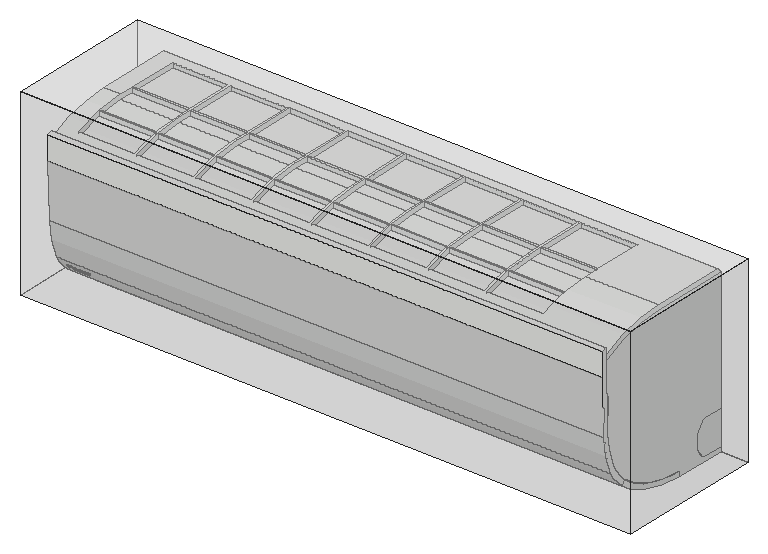
Revit family "outputfile", category 機械設備, Revit 2024
Family settings
  丸型コネクタ寸法 = 半径を使用
  パーツ タイプ = 標準
  OmniClass 番号 = 23.75.10.24.21.27.27
  OmniClass タイトル = Split System Air Conditioning Units
  作業面ベース = いいえ
  常に垂直 = はい
  ロード時にボイドで切り取り = いいえ
  注釈の向きを維持 = いいえ
  共有 = いいえ
  部屋計算ポイント = いいえ
Parameters (values of type "CTXM50RVMV")
  Description = ""
  書き出し IFC クラス(タイプ) = "IfcUnitaryEquipmentType"
  定義済み IFC タイプ(タイプ) = "AIRCONDITIONINGUNIT"
  Cost = 0
  Type Comments = ""
  Keynote = ""
  Type Image = (empty or 0)
  Assembly Code = ""
  w_wall hole = if(Width = 770.0 mm, 48.0 mm, 60.0 mm)  # 60.0 mm
  製造元 = "Daikin"
  モデル = "CTXM50RVMV"
  switch_frequency = yes
  r_Liquid Pipe Size = Liquid Pipe Size / 2  # 3.2 mm
  r_Gas Pipe Size = Gas Pipe Size / 2  # 4.75 mm
  r_Drain Pipe Size = Drain Pipe Size / 2  # 8.0 mm
  lw_powersupply [instance] = if(Width = 770.0 mm, if(or(Rear Right Connection_refrigerant, Bottom Right Connection_refrigerant), 25.0 mm, if(or(Rear Left Connection_refrigerant, Bottom Left Connection_refrigerant), 745.0 mm, 400.0 mm)), if(Width = 990.0 mm, if(or(Rear Right Connection_refrigerant, Bottom Right Connection_refrigerant), 40.0 mm, if(or(Rear Left Connection_refrigerant, Bottom Left Connection_refrigerant), 920.0 mm, 400.0 mm)), if(or(Rear Right Connection_refrigerant, Bottom Right Connection_refrigerant), 40.0 mm, if(or(Rear Left Connection_refrigerant, Bottom Left Connection_refrigerant), 920.0 mm, 400.0 mm))))  # 400.0 mm
  lw_liquidpipe [instance] = if(Width = 770.0 mm, if(or(Rear Right Connection_refrigerant, Bottom Right Connection_refrigerant), 0.0 mm, if(or(Rear Left Connection_refrigerant, Bottom Left Connection_refrigerant), 664.0 mm, 385.0 mm)), if(Width = 990.0 mm, if(or(Rear Right Connection_refrigerant, Bottom Right Connection_refrigerant), 0.0 mm, if(or(Rear Left Connection_refrigerant, Bottom Left Connection_refrigerant), 664.0 mm + (990.0 mm - 770.0 mm), 475.0 mm)), if(or(Rear Right Connection_refrigerant, Bottom Right Connection_refrigerant), 0.0 mm, if(or(Rear Left Connection_refrigerant, Bottom Left Connection_refrigerant), 664.0 mm + (990.0 mm - 770.0 mm), 475.0 mm))))  # 475.0 mm
  lw_gaspipe [instance] = if(Width = 770.0 mm, if(or(Rear Right Connection_refrigerant, Bottom Right Connection_refrigerant), 0.0 mm, if(or(Rear Left Connection_refrigerant, Bottom Left Connection_refrigerant), 675.0 mm, if(Gas Pipe Size = 12.7 mm, 345.0 mm, 335.0 mm))), if(Width = 990.0 mm, if(or(Rear Right Connection_refrigerant, Bottom Right Connection_refrigerant), 10.0 mm, if(or(Rear Left Connection_refrigerant, Bottom Left Connection_refrigerant), 890.0 mm, if(Gas Pipe Size = 15.9 mm, 410.0 mm, 400.0 mm))), if(or(Rear Right Connection_refrigerant, Bottom Right Connection_refrigerant), 10.0 mm, if(or(Rear Left Connection_refrigerant, Bottom Left Connection_refrigerant), 890.0 mm, if(Gas Pipe Size = 15.9 mm, 410.0 mm, 400.0 mm)))))  # 400.0 mm
  lw_drainpipe [instance] = if(Width = 770.0 mm, if(or(Rear Right Connection_refrigerant, Bottom Right Connection_refrigerant), 0.0 mm, if(or(Rear Left Connection_refrigerant, Bottom Left Connection_refrigerant), 770.0 mm - 48.0 mm - 48.0 mm, 440.0 mm)), if(Width = 990.0 mm, if(or(Rear Right Connection_refrigerant, Bottom Right Connection_refrigerant), 0.0 mm, if(or(Rear Left Connection_refrigerant, Bottom Left Connection_refrigerant), 675.0 mm + (990.0 mm - 770.0 mm), 435.0 mm)), if(or(Rear Right Connection_refrigerant, Bottom Right Connection_refrigerant), 0.0 mm, if(or(Rear Left Connection_refrigerant, Bottom Left Connection_refrigerant), 675.0 mm + (990.0 mm - 770.0 mm), 435.0 mm))))  # 435.0 mm
  l_powersupply_length [instance] = if(Width = 770.0 mm, if(Right Connection_refrigerant, 400.0 mm, if(Left Connection_refrigerant, 770.0 mm - 400.0 mm, if(or(Rear Left Connection_refrigerant, Rear Right Connection_refrigerant), 15.0 mm, 50.0 mm))), if(Width = 990.0 mm, if(Right Connection_refrigerant, 400.0 mm, if(Left Connection_refrigerant, 990.0 mm - 400.0 mm, if(or(Rear Left Connection_refrigerant, Rear Right Connection_refrigerant), 15.0 mm, 50.0 mm))), if(Right Connection_refrigerant, 400.0 mm, if(Left Connection_refrigerant, 990.0 mm - 400.0 mm, if(or(Rear Left Connection_refrigerant, Rear Right Connection_refrigerant), 15.0 mm, 50.0 mm)))))  # 400.0 mm
  l_liquidpipe_length [instance] = if(Width = 770.0 mm, if(Right Connection_refrigerant, 433.0 mm, if(Left Connection_refrigerant, 337.0 mm, if(or(Rear Left Connection_refrigerant, Rear Right Connection_refrigerant), 30.0 mm, 40.0 mm))), if(Width = 990.0 mm, if(Right Connection_refrigerant, 535.0 mm, if(Left Connection_refrigerant, 455.0 mm, if(or(Rear Left Connection_refrigerant, Rear Right Connection_refrigerant), 30.0 mm, 40.0 mm))), if(Right Connection_refrigerant, 535.0 mm, if(Left Connection_refrigerant, 455.0 mm, if(or(Rear Left Connection_refrigerant, Rear Right Connection_refrigerant), 30.0 mm, 40.0 mm)))))  # 535.0 mm
  l_gaspipe_length [instance] = if(Width = 770.0 mm, if(Right Connection_refrigerant, if(Gas Pipe Size = 12.7 mm, 393.0 mm, 383.0 mm), if(Left Connection_refrigerant, if(Gas Pipe Size = 12.7 mm, 770.0 mm - 393.0 mm, 770.0 mm - 383.0 mm), if(or(Rear Left Connection_refrigerant, Rear Right Connection_refrigerant), 40.0 mm, 50.0 mm))), if(Width = 990.0 mm, if(Right Connection_refrigerant, if(Gas Pipe Size = 15.9 mm, 470.0 mm, 460.0 mm), if(Left Connection_refrigerant, if(Gas Pipe Size = 15.9 mm, 990.0 mm - 470.0 mm, 990.0 mm - 460.0 mm), if(or(Rear Left Connection_refrigerant, Rear Right Connection_refrigerant), 40.0 mm, 50.0 mm))), if(Right Connection_refrigerant, if(Gas Pipe Size = 15.9 mm, 470.0 mm, 460.0 mm), if(Left Connection_refrigerant, if(Gas Pipe Size = 15.9 mm, 990.0 mm - 470.0 mm, 990.0 mm - 460.0 mm), if(or(Rear Left Connection_refrigerant, Rear Right Connection_refrigerant), 40.0 mm, 50.0 mm)))))  # 460.0 mm
  l_drainpipe_length [instance] = if(Width = 770.0 mm, if(Right Connection_refrigerant, 488.0 mm, if(Left Connection_refrigerant, 282.0 mm, if(or(Rear Left Connection_refrigerant, Rear Right Connection_refrigerant), 15.0 mm, 20.0 mm))), if(Width = 990.0 mm, if(Right Connection_refrigerant, 495.0 mm, if(Left Connection_refrigerant, 495.0 mm, if(or(Rear Left Connection_refrigerant, Rear Right Connection_refrigerant), 15.0 mm, 20.0 mm))), if(Right Connection_refrigerant, 495.0 mm, if(Left Connection_refrigerant, 495.0 mm, if(or(Rear Left Connection_refrigerant, Rear Right Connection_refrigerant), 15.0 mm, 20.0 mm)))))  # 495.0 mm
  h*** = 0.0 mm  # constant formula
  connector_voltage = Voltage_50Hz  # 230 V
  connector_powerinput = if([Power Input (Cooling)] > [Power Input (Heating)], [Power Input (Cooling)], [Power Input (Heating)])  # 0.000 kW
  connector_phase = Phase_50Hz  # 1
  angle_vertical [instance] = if(or(Bottom Left Connection_refrigerant, Bottom Right Connection_refrigerant), 0.00°, 90.00°)  # 90.00°
  angle_horizontal [instance] = if(Right Connection_refrigerant, 90.00°, if(Left Connection_refrigerant, -90.00°, if(or(Rear Left Connection_refrigerant, Rear Right Connection_refrigerant), 180.00°, 0.00°)))  # 90.00°
  Width = 990.0 mm
  Voltage_comment_50Hz = "220 - 240"
  Voltage_50Hz = 230 V
  Version = "ver.1.0"
  Unit Type = "Wall Mounted"
  Unit Mass Weight = 13.00 kg
  Unit Designation [instance] = ""
  Uniclass2015Version = "Products v1.30"
  Uniclass2015Title = "Split coil room air conditioning units"
  Uniclass2015Code = "Pr_70_65_03_86"
  URL = ""
  Total Heating Capacity [instance] = 0.000 kW
  Total Cooling Capacity [instance] = 0.000 kW
  Sound Pressure Level_M speed (dBA) = 40
  Sound Pressure Level_L speed (dBA) = 35
  Sound Pressure Level_H speed (dBA) = 45
  Sound Power Level_H speed (dB) = 0
  Series = "Multi Split_Fan Coil Unit"
  Sensible Cooling Capacity [instance] = 0.000 kW
  Refrigerant Type = "R32"
  Power Input (Heating) = 0.000 kW
  Power Input (Cooling) = 0.000 kW
  Phase_50Hz = 1
  Option Accessory 3 [instance] = ""
  Option Accessory 2 [instance] = ""
  Option Accessory 1 [instance] = ""
  Nominal Heating Capacity = 6.100 kW
  Nominal Cooling Capacity = 5.000 kW
  Minimum Circuit Amps_50Hz = 0.0 A
  Minimum Airflow = 702.00 m³/h
  Median Airflow = 852.00 m³/h
  Maximum Fuse Amps_50Hz = 0.0 A
  Maximum Airflow = 1010.00 m³/h
  Material_Casing = DAIKIN_White_Casing_indoorunit
  Load Classification = HVAC
  Liquid Pipe Size = 6.4 mm
  Link_Nested Family [instance] = ""
  IfcVersion = ""
  IfcExportType = "AIRCONDITIONINGUNIT"
  IfcExportAs = "IfcUnitaryEquipmentType"
  Height = 295.0 mm
  Heating Entering Wet Bulb Temperature [instance] = 0.00 °C
  Heating Entering Dry Bulb Temperature [instance] = 0.00 °C
  Heating Ambient Wet Bulb Temperature [instance] = 0.00 °C
  Heating Ambient Dry Bulb Temperature [instance] = 0.00 °C
  Heat Exchanger Type = "Cross Fin Coil"
  Gas Pipe Size = 9.5 mm
  Frequency_50Hz = 50 Hz
  Fan Type = "Cross Flow Fan"
  Fan Drive = "Direct Drive"
  FCU Tag No. [instance] = ""
  Drain Pipe Size = 16.0 mm
  Design Supply Airflow [instance] = 0.00 m³/h
  Depth = 263.0 mm
  既定の高さ = 0.0 mm
  Cooling Entering Wet Bulb Temperature [instance] = 0.00 °C
  Cooling Entering Dry Bulb Temperature [instance] = 0.00 °C
  Cooling Ambient Wet Bulb Temperature [instance] = 0.00 °C
  Cooling Ambient Dry Bulb Temperature [instance] = 0.00 °C
  Clearance visibility [instance] = yes
  Clearance Top = 30.0 mm
  Clearance Right = 50.0 mm
  Clearance Rear = 0.0 mm
  Clearance Left = 50.0 mm
  Clearance Front = 0.0 mm
  Clearance Bottom = 0.0 mm
  Bottom Right Connection_refrigerant [instance] = no
  Bottom Left Connection_refrigerant [instance] = no
  Rear Right Connection_refrigerant [instance] = no
  Rear Left Connection_refrigerant [instance] = no
  Right Connection_refrigerant [instance] = yes
  Left Connection_refrigerant [instance] = no
Reference planes
  plane 1 "Back": y = 0
  plane 2: z = 0
  plane 3 "Center (Left/Right)": x = 0
  plane 4 "Center (Front/Back)": y = -131.5
  plane 5 "Front": y = -263
  plane 6 "Left": x = -495
  plane 7 "Right": x = 495
  plane 8 "Top": z = 0
  plane 9 "Bottom": z = -295
  plane 10: x = -545
  plane 11: x = 545
  plane 12: y = 0
  plane 13: y = -263
  plane 14: z = 30
  plane 15: z = -295
  plane 16 "lw_Piping and Wiring intake": x = 435
  plane 17 "lw_gaspipe": x = 35
  plane 18 "lw_liquidpipe": x = -40
  plane 19 "lw_drainpipe": x = 0
  plane 20 "lh_drainpipe": z = -275
  plane 21 "lh_liquidpipe": z = -255
  plane 22 "lh_gaspipe": z = -245
  plane 23 "ld_drainpipe": y = -15
  plane 24 "ld_liquidpipe": y = -30
  plane 25 "ld_gaspipe": y = -40
  plane 26 "lw_powersupply": x = 95
Dimensions and locks
  equal spacing: plane 6 "Left", plane 3 "Center (Left/Right)", plane 7 "Right"
  "Width": plane 6 "Left" to plane 7 "Right"
  equal spacing: plane 5 "Front", plane 4 "Center (Front/Back)", plane 1 "Back"
  "Depth": plane 5 "Front" to plane 1 "Back"
  "Height": plane 8 "Top" to plane 9 "Bottom"
  "Clearance Rear": plane 12 to plane 1 "Back"
  "Clearance Front": plane 13 to plane 5 "Front"
  "Clearance Top": plane 14 to plane 8 "Top"
  "Clearance Bottom": plane 9 "Bottom" to plane 15
  "w_wall hole": plane 16 "lw_Piping and Wiring intake" to plane 7 "Right"
  "lw_gaspipe": plane 17 "lw_gaspipe" to plane 16 "lw_Piping and Wiring intake"
  "lw_liquidpipe": plane 18 "lw_liquidpipe" to plane 16 "lw_Piping and Wiring intake"
  "lw_drainpipe": plane 19 "lw_drainpipe" to plane 16 "lw_Piping and Wiring intake"
  locked: plane 20 "lh_drainpipe" to plane 9 "Bottom" at 20
  locked: plane 21 "lh_liquidpipe" to plane 9 "Bottom" at 40
  locked: plane 22 "lh_gaspipe" to plane 9 "Bottom" at 50
  locked: plane 23 "ld_drainpipe" to plane 1 "Back" at 15
  locked: plane 1 "Back" to plane 24 "ld_liquidpipe" at 30
  locked: plane 1 "Back" to plane 25 "ld_gaspipe" at 40
  "lw_powersupply": plane 26 "lw_powersupply" to plane 7 "Right"
  "Clearance Left": plane 10 to plane 6 "Left"
  "Clearance Right": plane 7 "Right" to plane 11
  aligned and locked: level to plane 2
  aligned and locked: plane 12 to nested 1
  aligned and locked: nested 1 to plane 13
  aligned and locked: plane 10 to nested 1
  aligned and locked: plane 11 to nested 1
  aligned and locked: plane 15 to nested 1
  aligned and locked: plane 14 to nested 1
  aligned and locked: plane 17 "lw_gaspipe" to nested 2
  aligned and locked: nested 2 to plane 25 "ld_gaspipe"
  aligned and locked: plane 18 "lw_liquidpipe" to nested 3
  aligned and locked: nested 3 to plane 24 "ld_liquidpipe"
  aligned and locked: plane 19 "lw_drainpipe" to nested 4
  aligned and locked: nested 4 to plane 23 "ld_drainpipe"
  aligned and locked: nested 5 to plane 23 "ld_drainpipe"
  aligned and locked: plane 26 "lw_powersupply" to nested 5
  aligned and locked: level to plane 8 "Top"
  aligned and locked: plane 3 "Center (Left/Right)" to nested 6
  aligned and locked: plane 1 "Back" to nested 6
  aligned and locked: plane 8 "Top" to nested 6
Nested families
  nested 1: "daikin_clearancespace" at (0, -131.5, -132.381), show <- "Clearance visibility", visible <- "Clearance visibility", Link_Nested Family <- "Link_Nested Family", type "daikin_clearancespace"
    with width 1090.0 mm, show yes, height 325.0 mm, depth 263.0 mm, Link_Nested Family ""
  nested 2: "daikin_connector_rotate3" at (35, -40, -245), angle_vertical <- "angle_vertical", angle_horizontal <- "angle_horizontal", length <- "l_gaspipe_length", radius <- "r_Gas Pipe Size", type "daikin_connector_rotate3"
    with show no, radius 4.75 mm, length 460.0 mm, angle_vertical 90.00°, angle_horizontal 90.00°
  nested 3: "daikin_connector_rotate3" at (-40, -30, -255), angle_vertical <- "angle_vertical", angle_horizontal <- "angle_horizontal", radius <- "r_Liquid Pipe Size", length <- "l_liquidpipe_length", type "daikin_connector_rotate3"
    with show no, radius 3.2 mm, length 535.0 mm, angle_vertical 90.00°, angle_horizontal 90.00°
  nested 4: "daikin_connector_rotate3" at (0, -15, -275), angle_vertical <- "angle_vertical", angle_horizontal <- "angle_horizontal", length <- "l_drainpipe_length", radius <- "r_Drain Pipe Size", type "daikin_connector_rotate3"
    with show no, radius 8.0 mm, length 495.0 mm, angle_vertical 90.00°, angle_horizontal 90.00°
  nested 5: "daikin_connector_rotate3" at (95, -15, -245), angle_vertical <- "angle_vertical", angle_horizontal <- "angle_horizontal", length <- "l_powersupply_length", type "daikin_connector_rotate3"
    with show no, radius 10.0 mm, length 400.0 mm, angle_vertical 90.00°, angle_horizontal 90.00°
  nested 6: "DAIKIN_indoorunit_CTXM-RVMV" at (-31, 0, 0), type "CTXM-RVMV"
    with switch_unit1_50-71 yes, switch_unit1_25-35 no, Width 990.0 mm, WALL HOLE-R 60.0 mm, WALL HOLE Size 80.0 mm, Height 295.0 mm
Connectors
  piping at (495, -40, -245), diameter 9.5, driven by "r_Gas Pipe Size"
    settings: on nested 2, index 1, connector inside diameter 609.6 mm, connector length 0.0 mm, flow factor 0, pipe flow 0.00 m³/h, pressure drop 0.0 Pa, fitting loss kfactor 0, connector angle 0.00°, fixture units 0, engagement length 0.0 mm, angle of deflection 0.00°, flow configuration 1, flow direction 2, fitting loss method 0, system type 29, joint type 0, gender type 0, connector reference index -1, connector utility 0, adjustable connector no, is connector primary yes, connector description "Refrigerant Gas Piping"
  piping at (495, -30, -255), diameter 6.4, driven by "r_Liquid Pipe Size"
    settings: on nested 3, index 2, connector inside diameter 609.6 mm, connector length 0.0 mm, flow factor 0, pipe flow 0.00 m³/h, pressure drop 0.0 Pa, fitting loss kfactor 0, connector angle 0.00°, fixture units 0, engagement length 0.0 mm, angle of deflection 0.00°, flow configuration 1, flow direction 1, fitting loss method 0, system type 29, joint type 0, gender type 0, connector reference index -1, connector utility 0, adjustable connector no, is connector primary no, connector description "Refrigerant Liquid Piping"
  piping at (495, -15, -275), diameter 16, driven by "r_Drain Pipe Size"
    settings: on nested 4, index 3, connector inside diameter 609.6 mm, connector length 0.0 mm, flow factor 0, pipe flow 0.00 m³/h, pressure drop 0.0 Pa, fitting loss kfactor 0, connector angle 0.00°, fixture units 0, engagement length 0.0 mm, angle of deflection 0.00°, flow configuration 1, flow direction 2, fitting loss method 4, system type 16, joint type 0, gender type 0, connector reference index -1, connector utility 0, adjustable connector no, is connector primary no, connector description "Condensate Drain Piping"
  electrical at (495, -15, -245), driven by "Load Classification", driven by "connector_voltage", driven by "connector_powerinput", driven by "connector_phase"
    settings: on nested 5, index 4, voltage 230 V, apparent load 0 VA, apparent load phase1 0 VA, apparent load phase2 0 VA, apparent load phase3 0 VA, power factor 1, load classification "HVAC", number of poles 1, system type 30, power factor state 1, is connector primary yes, connector utility no, sub classification motor no, connector description "Power Supply"
Definition of nested family "daikin_clearancespace"
  Parameters (values of type "daikin_clearancespace")
    Description = "daikin_clearancespace"
    width [instance] = 1823.963 mm
    show [instance] = yes
    material = none
    height [instance] = 1359.762 mm
    depth [instance] = 880.0 mm
    Default Elevation = 0.0 mm
    Link_Nested Family [instance] = ""
  Reference planes
    plane 1 "Center (Front/Back)": y = 0
    plane 2 "Center (Elevation)": z = -0.119
    plane 3 "Center (Left/Right)": x = 0
    plane 4: y = 440
    plane 5: y = -440
    plane 6 "Right": x = 911.982
    plane 7 "Left": x = -911.982
    plane 8 "Top": z = 679.762
    plane 9 "Bottom": z = -680
  Forms (mm)
    Extrusion 1, solid, material <- "material", visible <- "show"
      sketch origin (0, 0, 0) x (1, 0, 0) y (0, 1, 0)
        loop
          line (-911.982, 440) -> (-911.982, -440) -> (911.982, -440) -> (911.982, 440) -> (-911.982, 440)
      from -680 to 679.762
  Lines and regions (mm)
    symbolic lines, visible <- "show"
      curve 1: line (911.982, 440, 0) -> (-911.982, 440, 0)
      curve 2: line (-911.982, 440, 0) -> (-911.982, -440, 0)
      curve 3: line (-911.982, -440, 0) -> (911.982, -440, 0)
      curve 4: line (911.982, -440, 0) -> (911.982, 440, 0)
      curve 5: line (911.982, 0, 679.762) -> (-911.982, 0, 679.762)
      curve 6: line (911.982, 0, -680) -> (911.982, 0, 679.762)
      curve 7: line (-911.982, 0, -680) -> (911.982, 0, -680)
      curve 8: line (-911.982, 0, 679.762) -> (-911.982, 0, -680)
      curve 9: line (0, 440, 679.762) -> (0, -440, 679.762)
      curve 10: line (0, -440, 679.762) -> (0, -440, -680)
      curve 11: line (0, 440, -680) -> (0, 440, 679.762)
      curve 12: line (0, -440, -680) -> (0, 440, -680)
  Dimensions and locks
    "width": plane 7 "Left" to plane 6 "Right"
    "depth": plane 4 to plane 5
    "height": plane 8 "Top" to plane 9 "Bottom"
    equal spacing: plane 7 "Left", plane 3 "Center (Left/Right)", plane 6 "Right"
    equal spacing: plane 4, plane 1 "Center (Front/Back)", plane 5
    equal spacing: plane 8 "Top", plane 2 "Center (Elevation)", plane 9 "Bottom"
    aligned and locked: level to plane 2 "Center (Elevation)"
    aligned and locked: Extrusion 1 sketch curve to plane 4
    aligned and locked: plane 7 "Left" to Extrusion 1 sketch curve
    aligned and locked: Extrusion 1 sketch curve to plane 5
    aligned and locked: Extrusion 1 sketch curve to plane 6 "Right"
    aligned and locked: plane 8 "Top" to Extrusion 1
    aligned and locked: curve 1 to Extrusion 1
    aligned and locked: curve 2 to Extrusion 1
    aligned and locked: curve 3 to Extrusion 1
    aligned and locked: curve 4 to Extrusion 1
    aligned and locked: curve 5 to Extrusion 1
    aligned and locked: curve 6 to Extrusion 1
    aligned and locked: curve 7 to Extrusion 1
    aligned and locked: curve 8 to Extrusion 1
    aligned and locked: curve 9 to Extrusion 1
    aligned and locked: curve 10 to Extrusion 1
    aligned and locked: curve 11 to Extrusion 1
    aligned and locked: curve 12 to Extrusion 1
    aligned and locked: Extrusion 1 to plane 9 "Bottom"
Definition of nested family "DAIKIN_indoorunit_CTXM-RVMV"
  Parameters (values of type "CTKM-RVMV")
    switch_unit1_50-71 = Width = 990.0 mm  # no
    switch_unit1_25-35 = Width = 770.0 mm  # yes
    Width = 770.0 mm
    WALL HOLE-R = if(Width = 770.0 mm, 48.0 mm, 60.0 mm)  # 48.0 mm
    WALL HOLE Size = if(Width = 770.0 mm, 65.0 mm, 80.0 mm)  # 65.0 mm
    Material_Casing = none
    Height = if(Width = 770.0 mm, 285.0 mm, 295.0 mm)  # 285.0 mm
    Default Elevation = 0.0 mm
  Reference planes
    plane 1 "Center (Front/Back)": y = 0
    plane 2 "reference_level": z = 0
    plane 3 "Center (Left/Right)": x = 31
    plane 4: x = -354
    plane 5: x = 416
    plane 6: z = -285
  Forms (mm)
    Extrusion 1, solid, material <- "Material_Casing", visible <- "switch_unit1_25-35"
      sketch origin (29, 0, 0) x (0, 1, 0) y (0, 0, 1)
        loop
          line (-5, 0) -> (-98, 0)
          arc (-98, 0) -> (-157.611, -7.211) -> (-213.783, -28.427) r 250
          arc (-213.783, -28.427) -> (-213.842, -32.972) -> (-213.892, -37.516) r 2191
          arc (-213.892, -37.516) -> (-157.832, -15.495) -> (-98.07, -8) r 242
          line (-98.07, -8) -> (0, -8) -> (-5, 0)
      from -383 to 387
    Extrusion 2, solid, material <- "Material_Casing", visible <- "switch_unit1_25-35"
      sketch origin (416, 1296.25, 1200) x (0, 1, 0) y (0, 0, 1)
        loop
          line (-1472.998, -1446.91) -> (-1476.998, -1453.839)
          arc (-1476.998, -1453.839) -> (-1437.481, -1472.422) -> (-1395.25, -1483.538) r 240
          line (-1395.25, -1483.538) -> (-1395.25, -1475.422)
          arc (-1395.25, -1475.422) -> (-1435.407, -1464.663) -> (-1472.998, -1446.91) r 232
      from 0 to -47.5
    Extrusion 3, solid, material <- "Material_Casing", visible <- "switch_unit1_25-35"
      sketch origin (29, 0, 0) x (0, 1, 0) y (0, 0, 1)
        loop
          arc (-223, -60.455) -> (-222.414, -110.646) -> (-220.656, -160.81) r 2149.92
          arc (-220.656, -160.81) -> (-219.65, -174.299) -> (-217.853, -187.706) r 229.911
          arc (-217.853, -187.706) -> (-205.371, -223.594) -> (-181.517, -253.17) r 111
          line (-181.517, -253.17) -> (-177.429, -246.093)
          arc (-177.429, -246.093) -> (-198.77, -218.989) -> (-209.965, -186.36) r 103
          arc (-209.965, -186.36) -> (-211.681, -173.586) -> (-212.651, -160.735) r 221.844
          arc (-212.651, -160.735) -> (-214.739, -93.233) -> (-214.74, -25.699) r 2186.828
          arc (-214.74, -25.699) -> (-214.671, -21.467) -> (-214.594, -17.235) r 2192
          line (-214.594, -17.235) -> (-223, -19.961) -> (-223, -60.455)
      from -383 to 387
    Extrusion 4, solid, material <- "Material_Casing", visible <- "switch_unit1_25-35"
      sketch origin (29, 0, -20) x (0, 1, 0) y (0, 0, 1)
        loop
          line (0, -265) -> (0, 12) -> (-98.07, 12)
          arc (-98.07, 12) -> (-157.832, 4.505) -> (-213.892, -17.516) r 242
          arc (-213.892, -17.516) -> (-213.638, -79.114) -> (-211.653, -140.681) r 2191
          arc (-211.653, -140.681) -> (-210.685, -153.501) -> (-208.973, -166.243) r 221
          arc (-208.973, -166.243) -> (-197.471, -199.282) -> (-175.482, -226.491) r 102
          arc (-175.482, -226.491) -> (-138.004, -244.019) -> (-98, -254.579) r 231
          line (-98, -254.579) -> (-98, -265) -> (0, -265)
      from -383 to 387
    Extrusion 5, solid, material <- "Material_Casing", visible <- "switch_unit1_25-35"
      sketch origin (-354, 1296.25, 1200) x (0, 1, 0) y (0, 0, 1)
        loop
          line (-1472.998, -1446.91) -> (-1476.998, -1453.839)
          arc (-1476.998, -1453.839) -> (-1437.481, -1472.422) -> (-1395.25, -1483.538) r 240
          line (-1395.25, -1483.538) -> (-1395.25, -1475.422)
          arc (-1395.25, -1475.422) -> (-1435.407, -1464.663) -> (-1472.998, -1446.91) r 232
      from 47 to 0
    Extrusion 6, solid, material <- "Material_Casing", visible <- "switch_unit1_25-35"
      sketch origin (416, 1296.25, 1200) x (0, 1, 0) y (0, 0, 1)
        loop
          line (-1472.998, -1446.91) -> (-1476.998, -1453.839)
          arc (-1476.998, -1453.839) -> (-1443.437, -1470.168) -> (-1407.75, -1481.097) r 240
          line (-1407.75, -1481.097) -> (-1407.75, -1472.894)
          arc (-1407.75, -1472.894) -> (-1441.363, -1462.385) -> (-1472.998, -1446.91) r 232
      from -116.993 to -48.493
    Extrusion 7, solid, material <- "Material_Casing", visible <- "switch_unit1_25-35"
      sketch origin (416, 1296.25, 1200) x (0, 1, 0) y (0, 0, 1)
        loop
          line (-1472.998, -1446.91) -> (-1476.998, -1453.839)
          arc (-1476.998, -1453.839) -> (-1443.437, -1470.168) -> (-1407.75, -1481.097) r 240
          line (-1407.75, -1481.097) -> (-1407.75, -1472.894)
          arc (-1407.75, -1472.894) -> (-1441.363, -1462.385) -> (-1472.998, -1446.91) r 232
      from -717 to -121.993
    Extrusion 8, void
      sketch origin (31, 0, -235) x (1, 0, 0) y (0, 1, 0)
        loop
          line (-252.674, -22.316) -> (-354.941, -22.316) -> (-354.941, -91.341) -> (-252.674, -91.341) -> (-252.674, -22.316)
        loop
          line (-249.341, -91.341) -> (-151.574, -91.341) -> (-151.574, -22.316) -> (-249.341, -22.316) -> (-249.341, -91.341)
        loop
          line (58.309, -22.316) -> (-148.309, -22.316) -> (-148.309, -91.341) -> (58.309, -91.341) -> (58.309, -22.316)
        loop
          line (61.689, -22.316) -> (61.689, -91.341) -> (159.457, -91.341) -> (159.457, -22.316) -> (61.689, -22.316)
        loop
          line (162.789, -22.316) -> (162.789, -91.341) -> (265.057, -91.341) -> (265.057, -22.316) -> (162.789, -22.316)
        loop
          line (-354.941, -94.659) -> (-354.941, -165.259) -> (-252.674, -165.259) -> (-252.674, -94.659) -> (-354.941, -94.659)
        loop
          line (-249.341, -94.659) -> (-249.341, -165.259) -> (-151.574, -165.259) -> (-151.574, -94.659) -> (-249.341, -94.659)
        loop
          line (-148.309, -94.659) -> (-148.309, -165.259) -> (58.309, -165.259) -> (58.309, -94.659) -> (-148.309, -94.659)
        loop
          line (61.689, -94.659) -> (61.689, -165.259) -> (159.457, -165.259) -> (159.457, -94.659) -> (61.689, -94.659)
        loop
          line (162.789, -94.659) -> (162.789, -165.259) -> (265.057, -165.259) -> (265.057, -94.659) -> (162.789, -94.659)
        loop
          line (-354.941, -167.382) -> (-354.941, -192.681) -> (-252.674, -192.681) -> (-252.674, -167.382) -> (-354.941, -167.382)
        loop
          line (-249.341, -167.382) -> (-249.341, -192.681) -> (-151.574, -192.681) -> (-151.574, -167.382) -> (-249.341, -167.382)
        loop
          line (-148.309, -167.382) -> (-148.309, -192.681) -> (58.309, -192.681) -> (58.309, -167.382) -> (-148.309, -167.382)
        loop
          line (159.457, -167.382) -> (61.689, -167.382) -> (61.689, -192.681) -> (159.457, -192.681) -> (159.457, -167.382)
        loop
          line (265.057, -167.382) -> (162.789, -167.382) -> (162.789, -192.681) -> (265.057, -192.681) -> (265.057, -167.382)
      from 201.638 to 250
    Extrusion 9, solid, material <- "Material_Casing"
      sketch origin (31, 0, 0) x (1, 0, 0) y (0, 0, 1)
        loop
          circle (337, -240.5) r 32.5
        loop
          circle (-337, -240.5) r 32.5
      from 0 to 5
    Extrusion 10, solid, material <- "Material_Casing", visible <- "switch_unit1_25-35"
      sketch origin (416, 1296.25, 1200) x (0, -1, 0) y (0, 0, 1)
        loop
          line (1326.25, -1417) -> (1296.25, -1417) -> (1296.25, -1477) -> (1326.25, -1477)
          arc (1326.25, -1477) -> (1340.393, -1471.142) -> (1346.25, -1457) r 20
          line (1346.25, -1457) -> (1346.25, -1437)
          arc (1346.25, -1437) -> (1340.393, -1422.858) -> (1326.25, -1417) r 20
      from 0 to 5
    Extrusion 11, solid, material <- "Material_Casing", visible <- "switch_unit1_25-35"
      sketch origin (-354, 1296.25, 1200) x (0, 1, 0) y (0, 0, 1)
        loop
          line (-1296.25, -1417) -> (-1326.25, -1417)
          arc (-1326.25, -1417) -> (-1340.393, -1422.858) -> (-1346.25, -1437) r 20
          line (-1346.25, -1437) -> (-1346.25, -1457)
          arc (-1346.25, -1457) -> (-1340.393, -1471.142) -> (-1326.25, -1477) r 20
          line (-1326.25, -1477) -> (-1296.25, -1477) -> (-1296.25, -1417)
      from 0 to 5
    Extrusion 12, solid, material <- "Material_Casing", visible <- "switch_unit1_25-35"
      sketch origin (31, 0, -285) x (-1, 0, 0) y (0, -1, 0)
        loop
          line (-314, 0) -> (-314, 30)
          arc (-314, 30) -> (-319.858, 44.142) -> (-334, 50) r 20
          line (-334, 50) -> (-354, 50)
          arc (-354, 50) -> (-368.142, 44.142) -> (-374, 30) r 20
          line (-374, 30) -> (-374, 0) -> (-314, 0)
        loop
          line (374, 0) -> (374, 30)
          arc (374, 30) -> (368.142, 44.142) -> (354, 50) r 20
          line (354, 50) -> (334, 50)
          arc (334, 50) -> (319.858, 44.142) -> (314, 30) r 20
          line (314, 30) -> (314, 0) -> (374, 0)
      from 0 to 5
    Extrusion 13, solid, material <- "Material_Casing", visible <- "switch_unit1_50-71"
      sketch origin (31, 0, 0) x (0, 1, 0) y (0, 0, 1)
        loop
          line (-5, 0) -> (-138, 0)
          arc (-138, 0) -> (-197.611, -7.211) -> (-253.783, -28.427) r 250
          arc (-253.783, -28.427) -> (-253.838, -32.687) -> (-253.886, -36.946) r 2191
          arc (-253.886, -36.946) -> (-197.73, -15.346) -> (-138.014, -8) r 246.393
          line (-138.014, -8) -> (0, -8) -> (-5, 0)
      from -495 to 495
    Extrusion 14, solid, material <- "Material_Casing", visible <- "switch_unit1_50-71"
      sketch origin (418, 1296.25, 1200) x (0, 1, 0) y (0, 0, 1)
        loop
          arc (-1515.208, -1454.149) -> (-1506.856, -1460.599) -> (-1497.925, -1466.219) r 110
          arc (-1497.925, -1466.219) -> (-1445.718, -1487.493) -> (-1389.844, -1494.995) r 223
          line (-1389.844, -1494.995) -> (-1389.844, -1486.086) -> (-1404.386, -1486.086)
          arc (-1404.386, -1486.086) -> (-1449.542, -1477.46) -> (-1491.818, -1459.402) r 214.289
          arc (-1491.818, -1459.402) -> (-1501.056, -1453.541) -> (-1509.606, -1446.715) r 101
          line (-1509.606, -1446.715) -> (-1515.208, -1454.149)
      from 108 to 57.5
    Extrusion 15, solid, material <- "Material_Casing", visible <- "switch_unit1_50-71"
      sketch origin (31, 0, 0) x (0, 1, 0) y (0, 0, 1)
        loop
          line (-263, -19.962) -> (-263, -61.6)
          arc (-263, -61.6) -> (-262.414, -110.219) -> (-260.656, -158.81) r 2017.341
          arc (-260.656, -158.81) -> (-255.648, -191.935) -> (-244.041, -223.362) r 164.725
          arc (-244.041, -223.362) -> (-233.569, -239.793) -> (-219.717, -253.495) r 87.379
          line (-219.717, -253.495) -> (-214.706, -246.846)
          arc (-214.706, -246.846) -> (-229.564, -230.029) -> (-240.385, -210.371) r 102
          arc (-240.385, -210.371) -> (-249.049, -182.962) -> (-252.848, -154.467) r 165.789
          arc (-252.848, -154.467) -> (-254.771, -90.102) -> (-254.74, -25.708) r 2122.533
          arc (-254.74, -25.708) -> (-254.671, -21.469) -> (-254.594, -17.23) r 2192
          line (-254.594, -17.23) -> (-263, -19.962)
      from -495 to 495
    Extrusion 16, void
      sketch origin (33, 0, 0) x (1, 0, 0) y (0, 1, 0)
        loop
          line (-466.909, -22.316) -> (-466.909, -111.341) -> (-366.303, -111.341) -> (-366.303, -22.316) -> (-466.909, -22.316)
        loop
          line (-362.71, -22.316) -> (-362.71, -111.341) -> (-262.103, -111.341) -> (-262.103, -22.316) -> (-362.71, -22.316)
        loop
          line (-258.51, -22.316) -> (-258.51, -111.341) -> (-157.904, -111.341) -> (-157.904, -22.316) -> (-258.51, -22.316)
        loop
          line (-154.31, -22.316) -> (-154.31, -111.341) -> (-53.704, -111.341) -> (-53.704, -22.316) -> (-154.31, -22.316)
        loop
          line (-50.11, -22.316) -> (-50.11, -111.341) -> (50.496, -111.341) -> (50.496, -22.316) -> (-50.11, -22.316)
        loop
          line (54.089, -22.316) -> (54.089, -111.341) -> (154.696, -111.341) -> (154.696, -22.316) -> (54.089, -22.316)
        loop
          line (158.289, -22.316) -> (158.289, -111.341) -> (258.895, -111.341) -> (258.895, -22.316) -> (158.289, -22.316)
        loop
          line (262.489, -22.316) -> (262.489, -111.341) -> (363.095, -111.341) -> (363.095, -22.316) -> (262.489, -22.316)
        loop
          line (-466.909, -114.459) -> (-466.909, -185.059) -> (-366.303, -185.059) -> (-366.303, -114.459) -> (-466.909, -114.459)
        loop
          line (-362.71, -114.459) -> (-362.71, -185.059) -> (-262.103, -185.059) -> (-262.103, -114.459) -> (-362.71, -114.459)
        loop
          line (-258.51, -114.459) -> (-258.51, -185.059) -> (-157.904, -185.059) -> (-157.904, -114.459) -> (-258.51, -114.459)
        loop
          line (-154.31, -114.459) -> (-154.31, -185.059) -> (-53.704, -185.059) -> (-53.704, -114.459) -> (-154.31, -114.459)
        loop
          line (-50.11, -114.459) -> (-50.11, -185.059) -> (50.496, -185.059) -> (50.496, -114.459) -> (-50.11, -114.459)
        loop
          line (54.089, -114.459) -> (54.089, -185.059) -> (154.696, -185.059) -> (154.696, -114.459) -> (54.089, -114.459)
        loop
          line (158.289, -114.459) -> (158.289, -185.059) -> (258.895, -185.059) -> (258.895, -114.459) -> (158.289, -114.459)
        loop
          line (262.489, -114.459) -> (262.489, -185.059) -> (363.095, -185.059) -> (363.095, -114.459) -> (262.489, -114.459)
        loop
          line (-466.909, -187.382) -> (-466.909, -232.681) -> (-366.303, -232.681) -> (-366.303, -187.382) -> (-466.909, -187.382)
        loop
          line (-362.71, -187.382) -> (-362.71, -232.681) -> (-262.103, -232.681) -> (-262.103, -187.382) -> (-362.71, -187.382)
        loop
          line (-258.51, -187.382) -> (-258.51, -232.681) -> (-157.904, -232.681) -> (-157.904, -187.382) -> (-258.51, -187.382)
        loop
          line (-154.31, -187.382) -> (-154.31, -232.681) -> (-53.704, -232.681) -> (-53.704, -187.382) -> (-154.31, -187.382)
        loop
          line (-50.11, -187.382) -> (-50.11, -232.681) -> (50.496, -232.681) -> (50.496, -187.382) -> (-50.11, -187.382)
        loop
          line (54.089, -187.382) -> (54.089, -232.681) -> (154.696, -232.681) -> (154.696, -187.382) -> (54.089, -187.382)
        loop
          line (158.289, -187.382) -> (158.289, -232.681) -> (258.895, -232.681) -> (258.895, -187.382) -> (158.289, -187.382)
        loop
          line (262.489, -187.382) -> (262.489, -232.681) -> (363.095, -232.681) -> (363.095, -187.382) -> (262.489, -187.382)
      from -40.013 to 47.268
    Extrusion 17, solid, material <- "Material_Casing", visible <- "switch_unit1_50-71"
      sketch origin (-356, 1296.25, 1200) x (0, 1, 0) y (0, 0, -1)
        loop
          line (-1515.208, 1454.149) -> (-1509.606, 1446.715)
          arc (-1509.606, 1446.715) -> (-1501.056, 1453.541) -> (-1491.818, 1459.402) r 101
          arc (-1491.818, 1459.402) -> (-1449.542, 1477.46) -> (-1404.386, 1486.086) r 214.289
          line (-1404.386, 1486.086) -> (-1389.844, 1486.086) -> (-1389.844, 1494.995)
          arc (-1389.844, 1494.995) -> (-1445.718, 1487.493) -> (-1497.925, 1466.219) r 223
          arc (-1497.925, 1466.219) -> (-1506.856, 1460.599) -> (-1515.208, 1454.149) r 110
      from 108 to 61
    Extrusion 18, solid, material <- "Material_Casing", visible <- "switch_unit1_50-71"
      sketch origin (418, 1296.25, 1200) x (0, 1, 0) y (0, 0, 1)
        loop
          arc (-1515.208, -1454.149) -> (-1506.856, -1460.599) -> (-1497.925, -1466.219) r 110
          arc (-1497.925, -1466.219) -> (-1463.185, -1482.066) -> (-1426.25, -1491.755) r 223
          line (-1426.25, -1491.755) -> (-1426.25, -1483.166)
          arc (-1426.25, -1483.166) -> (-1460.008, -1473.969) -> (-1491.818, -1459.402) r 214.289
          arc (-1491.818, -1459.402) -> (-1501.056, -1453.541) -> (-1509.606, -1446.715) r 101
          line (-1509.606, -1446.715) -> (-1515.208, -1454.149)
      from 56.5 to -36.993
    Extrusion 19, solid, material <- "Material_Casing", visible <- "switch_unit1_50-71"
      sketch origin (418, 1296.25, 1200) x (0, 1, 0) y (0, 0, 1)
        loop
          arc (-1426.25, -1483.166) -> (-1443.442, -1479.224) -> (-1460.25, -1473.881) r 214.289
          line (-1460.25, -1473.881) -> (-1460.25, -1483.089)
          arc (-1460.25, -1483.089) -> (-1443.421, -1488.091) -> (-1426.25, -1491.755) r 223
          line (-1426.25, -1491.755) -> (-1426.25, -1483.166)
      from -43.493 to -828.893
    Extrusion 20, solid, material <- "Material_Casing", visible <- "switch_unit1_50-71"
      sketch origin (418, 1296.25, 1200) x (0, 1, 0) y (0, 0, 1)
        loop
          arc (-1515.208, -1454.149) -> (-1506.856, -1460.599) -> (-1497.925, -1466.219) r 110
          arc (-1497.925, -1466.219) -> (-1479.479, -1475.527) -> (-1460.25, -1483.089) r 223
          line (-1460.25, -1483.089) -> (-1460.25, -1473.881)
          arc (-1460.25, -1473.881) -> (-1476.328, -1467.282) -> (-1491.818, -1459.402) r 214.289
          arc (-1491.818, -1459.402) -> (-1501.056, -1453.541) -> (-1509.606, -1446.715) r 101
          line (-1509.606, -1446.715) -> (-1515.208, -1454.149)
      from -43.493 to -828.893
    Extrusion 21, solid, material <- "Material_Casing", visible <- "switch_unit1_50-71"
      sketch origin (31, 0, -30) x (0, 1, 0) y (0, 0, 1)
        loop
          line (0, 22) -> (-138.014, 22)
          arc (-138.014, 22) -> (-197.73, 14.654) -> (-253.886, -6.946) r 246.393
          arc (-253.886, -6.946) -> (-253.682, -65.635) -> (-251.855, -124.295) r 2120.935
          arc (-251.855, -124.295) -> (-248.086, -152.682) -> (-239.461, -179.988) r 164.789
          arc (-239.461, -179.988) -> (-228.903, -199.231) -> (-214.437, -215.738) r 101
          line (-214.437, -215.738) -> (-212.406, -216.221)
          arc (-212.406, -216.221) -> (-204.07, -222.837) -> (-195.079, -228.53) r 100
          arc (-195.079, -228.53) -> (-145.557, -248.629) -> (-92.593, -255.785) r 213.289
          line (-92.593, -255.785) -> (-92.593, -265) -> (0, -265) -> (0, 22)
      from -495 to 495
    Extrusion 22, solid, material <- "Material_Casing", visible <- "switch_unit1_50-71"
      sketch origin (526, 1296.25, 1200) x (0, -1, 0) y (0, 0, 1)
        loop
          line (1326.25, -1427.035) -> (1296.25, -1427.035) -> (1296.25, -1487.035) -> (1326.25, -1487.035)
          arc (1326.25, -1487.035) -> (1340.393, -1481.177) -> (1346.25, -1467.035) r 20
          line (1346.25, -1467.035) -> (1346.25, -1447.035)
          arc (1346.25, -1447.035) -> (1340.393, -1432.892) -> (1326.25, -1427.035) r 20
      from 0 to 5
    Extrusion 23, solid, material <- "Material_Casing", visible <- "switch_unit1_50-71"
      sketch origin (-459, 1296.25, 1200) x (0, -1, 0) y (0, 0, 1)
        loop
          line (1326.25, -1427.035) -> (1296.25, -1427.035) -> (1296.25, -1487.035) -> (1326.25, -1487.035)
          arc (1326.25, -1487.035) -> (1340.393, -1481.177) -> (1346.25, -1467.035) r 20
          line (1346.25, -1467.035) -> (1346.25, -1447.035)
          arc (1346.25, -1447.035) -> (1340.393, -1432.892) -> (1326.25, -1427.035) r 20
      from 0 to 5
    Extrusion 24, solid, material <- "Material_Casing", visible <- "switch_unit1_50-71"
      sketch origin (31, 200, -295) x (-1, 0, 0) y (0, -1, 0)
        loop
          line (469, 200) -> (469, 230)
          arc (469, 230) -> (463.142, 244.142) -> (449, 250) r 20
          line (449, 250) -> (429, 250)
          arc (429, 250) -> (414.858, 244.142) -> (409, 230) r 20
          line (409, 230) -> (409, 200) -> (469, 200)
        loop
          line (-469, 200) -> (-409, 200) -> (-409, 230)
          arc (-409, 230) -> (-414.858, 244.142) -> (-429, 250) r 20
          line (-429, 250) -> (-449, 250)
          arc (-449, 250) -> (-463.142, 244.142) -> (-469, 230) r 20
          line (-469, 230) -> (-469, 200)
      from 0 to 5
  Cuts and joins
    Extrusion 8 cuts Extrusion 1
    Extrusion 16 cuts Extrusion 13
  Lines and regions (mm)
    reference lines
      curve 1: line (-523, -201.911, -229.404) -> (-523, -193.542, -239.977)
      curve 2: line (-523, -240.779, -229.404) -> (-523, -232.411, -239.977)
  Dimensions and locks
    locked: Extrusion 10 sketch curve to Extrusion 10 sketch curve at 60
    locked: Extrusion 10 sketch curve to Extrusion 10 sketch curve at 50
    locked: Extrusion 12 sketch curve to Extrusion 12 sketch curve at 60  (x2)
    locked: Extrusion 12 sketch curve to Extrusion 12 sketch curve at 50
    equal spacing: plane 5, plane 3 "Center (Left/Right)", plane 4
    "Width": plane 5 to plane 4
    locked: Extrusion 9 sketch curve to plane 4 at 48
    "WALL HOLE-R": plane 5 to Extrusion 9 sketch curve
    "Height": plane 2 "reference_level" to plane 6
    locked: Extrusion 9 sketch curve to plane 6 at 44.5  (x2)
    locked: Extrusion 15 to nested 2 at 15
    locked: Extrusion 22 sketch curve to Extrusion 22 sketch curve at 60
    locked: Extrusion 22 sketch curve to Extrusion 22 sketch curve at 50
    locked: Extrusion 23 sketch curve to Extrusion 23 sketch curve at 60
    locked: Extrusion 23 sketch curve to Extrusion 23 sketch curve at 50
    locked: Extrusion 24 sketch curve to Extrusion 24 sketch curve at 60  (x2)
    locked: Extrusion 24 sketch curve to Extrusion 24 sketch curve at 50  (x2)
    "WALL HOLE Size": diameter of Extrusion 9 sketch curve  (x2)
    aligned and locked: level to plane 2 "reference_level"
    aligned and locked: nested 1 to curve 1
    aligned and locked: Extrusion 11 sketch curve to Extrusion 10  (x4)
    aligned and locked: Extrusion 12 sketch curve to Extrusion 12 sketch curve  (x2)
    aligned and locked: Extrusion 9 to plane 1 "Center (Front/Back)"
    aligned and locked: nested 2 to curve 2
  Automatic sketch dimensions
    curve 1 to level = 239.977 mm
    plane 1 "Center (Front/Back)" to curve 1 = 193.542 mm
    curve 2 to curve 1 = 0.0 mm
    curve 2 to curve 2 = 10.573 mm
    curve 1 to curve 1 = 10.573 mm
    curve 1 to curve 1 = 8.368 mm
    curve 1 to curve 2 = 30.5 mm
    curve 2 to curve 2 = 8.368 mm
    Extrusion 1 sketch curve to level = 0.0 mm
    Extrusion 1 sketch curve to plane 1 "Center (Front/Back)" = 0.0 mm
    plane 1 "Center (Front/Back)" to Extrusion 1 sketch curve = 5.0 mm
    plane 1 "Center (Front/Back)" to Extrusion 1 sketch curve = 98.0 mm
    Extrusion 1 sketch curve to Extrusion 1 sketch curve = 0.07 mm
    Extrusion 1 sketch curve to level = 59.292 mm
    Extrusion 1 sketch curve to plane 1 "Center (Front/Back)" = 1977.0 mm
    Extrusion 1 sketch curve to level = 250.0 mm
    Extrusion 1 sketch curve to Extrusion 1 sketch curve = 0.0 mm
    Extrusion 1 sketch curve to level = 8.0 mm
    Extrusion 1 sketch curve to level = 28.427 mm
    plane 1 "Center (Front/Back)" to Extrusion 2 sketch curve = 180.748 mm
    Extrusion 2 sketch curve to Extrusion 2 sketch curve = 4.0 mm
    Extrusion 2 sketch curve to Extrusion 2 sketch curve = 77.747 mm
    plane 1 "Center (Front/Back)" to Extrusion 2 sketch curve = 59.279 mm
    Extrusion 2 sketch curve to Extrusion 2 sketch curve = 0.0 mm
    Extrusion 2 sketch curve to level = 283.538 mm
    Extrusion 2 sketch curve to Extrusion 2 sketch curve = 8.116 mm
    Extrusion 2 sketch curve to Extrusion 2 sketch curve = 21.583 mm
    Extrusion 2 sketch curve to Extrusion 2 sketch curve = 6.929 mm
    Extrusion 3 sketch curve to level = 19.961 mm
    plane 1 "Center (Front/Back)" to Extrusion 3 sketch curve = 223.0 mm
    Extrusion 3 sketch curve to level = 17.235 mm
    Extrusion 3 sketch curve to Extrusion 3 sketch curve = 8.406 mm
    plane 1 "Center (Front/Back)" to Extrusion 3 sketch curve = 181.517 mm
    Extrusion 3 sketch curve to Extrusion 3 sketch curve = 4.087 mm
    Extrusion 3 sketch curve to Extrusion 3 sketch curve = 69.11 mm
    Extrusion 3 sketch curve to Extrusion 3 sketch curve = 0.001 mm
    Extrusion 3 sketch curve to plane 1 "Center (Front/Back)" = 8.955 mm
    Extrusion 3 sketch curve to Extrusion 3 sketch curve = 0.067 mm
    Extrusion 3 sketch curve to level = 60.455 mm
    Extrusion 3 sketch curve to Extrusion 3 sketch curve = 1917.898 mm
    Extrusion 3 sketch curve to Extrusion 3 sketch curve = 44.907 mm
    Extrusion 3 sketch curve to Extrusion 3 sketch curve = 5.172 mm
    Extrusion 3 sketch curve to level = 150.456 mm
    Extrusion 3 sketch curve to Extrusion 3 sketch curve = 0.006 mm
    Extrusion 3 sketch curve to Extrusion 3 sketch curve = 19.265 mm
    Extrusion 3 sketch curve to Extrusion 3 sketch curve = 0.004 mm
    Extrusion 3 sketch curve to Extrusion 3 sketch curve = 76.368 mm
    Extrusion 3 sketch curve to Extrusion 3 sketch curve = 7.077 mm
    Extrusion 3 sketch curve to Extrusion 3 sketch curve = 1.002 mm
    Extrusion 3 sketch curve to Extrusion 3 sketch curve = 0.046 mm
    Extrusion 3 sketch curve to Extrusion 3 sketch curve = 8.005 mm
    Extrusion 3 sketch curve to Extrusion 3 sketch curve = 0.147 mm
    Extrusion 3 sketch curve to Extrusion 3 sketch curve = 0.0 mm
    Extrusion 4 sketch curve to plane 1 "Center (Front/Back)" = 0.0 mm
    plane 1 "Center (Front/Back)" to Extrusion 4 sketch curve = 59.278 mm
    Extrusion 4 sketch curve to Extrusion 4 sketch curve = 98.0 mm
    Extrusion 4 sketch curve to Extrusion 4 sketch curve = 0.0 mm  (x3)
    Extrusion 4 sketch curve to level = 8.0 mm
    Extrusion 4 sketch curve to Extrusion 4 sketch curve = 38.791 mm
    Extrusion 4 sketch curve to Extrusion 4 sketch curve = 10.249 mm
    Extrusion 4 sketch curve to plane 1 "Center (Front/Back)" = 9.11 mm
    Extrusion 4 sketch curve to level = 59.292 mm
    Extrusion 4 sketch curve to Extrusion 4 sketch curve = 1967.89 mm
    Extrusion 4 sketch curve to Extrusion 4 sketch curve = 142.454 mm
    Extrusion 4 sketch curve to Extrusion 4 sketch curve = 19.271 mm
    Extrusion 4 sketch curve to Extrusion 4 sketch curve = 80.275 mm
    Extrusion 4 sketch curve to Extrusion 4 sketch curve = 24.579 mm
    Extrusion 4 sketch curve to Extrusion 4 sketch curve = 10.421 mm
    Extrusion 4 sketch curve to level = 46.847 mm
    Extrusion 4 sketch curve to Extrusion 4 sketch curve = 77.412 mm
    Extrusion 4 sketch curve to Extrusion 4 sketch curve = 33.49 mm
    Extrusion 4 sketch curve to Extrusion 4 sketch curve = 2.68 mm
    plane 1 "Center (Front/Back)" to Extrusion 5 sketch curve = 180.748 mm
    Extrusion 5 sketch curve to Extrusion 5 sketch curve = 4.0 mm
    Extrusion 5 sketch curve to Extrusion 5 sketch curve = 77.747 mm
    plane 1 "Center (Front/Back)" to Extrusion 5 sketch curve = 59.279 mm
    Extrusion 5 sketch curve to Extrusion 5 sketch curve = 0.0 mm
    Extrusion 5 sketch curve to level = 283.538 mm
    Extrusion 5 sketch curve to Extrusion 5 sketch curve = 8.116 mm
    Extrusion 5 sketch curve to Extrusion 5 sketch curve = 21.583 mm
    Extrusion 5 sketch curve to Extrusion 5 sketch curve = 6.929 mm
    plane 1 "Center (Front/Back)" to Extrusion 6 sketch curve = 180.748 mm
    Extrusion 6 sketch curve to Extrusion 6 sketch curve = 4.0 mm
    Extrusion 6 sketch curve to Extrusion 6 sketch curve = 65.247 mm
    plane 1 "Center (Front/Back)" to Extrusion 6 sketch curve = 59.279 mm
    Extrusion 6 sketch curve to Extrusion 6 sketch curve = 0.0 mm
    Extrusion 6 sketch curve to level = 281.097 mm
    Extrusion 6 sketch curve to Extrusion 6 sketch curve = 8.203 mm
    Extrusion 6 sketch curve to Extrusion 6 sketch curve = 19.055 mm
    Extrusion 6 sketch curve to Extrusion 6 sketch curve = 6.929 mm
    plane 1 "Center (Front/Back)" to Extrusion 7 sketch curve = 180.748 mm
    Extrusion 7 sketch curve to Extrusion 7 sketch curve = 4.0 mm
    Extrusion 7 sketch curve to Extrusion 7 sketch curve = 65.247 mm
    plane 1 "Center (Front/Back)" to Extrusion 7 sketch curve = 59.279 mm
    Extrusion 7 sketch curve to Extrusion 7 sketch curve = 0.0 mm
    Extrusion 7 sketch curve to level = 281.097 mm
    Extrusion 7 sketch curve to Extrusion 7 sketch curve = 8.203 mm
    Extrusion 7 sketch curve to Extrusion 7 sketch curve = 19.055 mm
    Extrusion 7 sketch curve to Extrusion 7 sketch curve = 6.929 mm
    plane 1 "Center (Front/Back)" to Extrusion 8 sketch curve = 165.259 mm  (x2)
    Extrusion 8 sketch curve to plane 3 "Center (Left/Right)" = 354.941 mm
    plane 1 "Center (Front/Back)" to Extrusion 8 sketch curve = 22.316 mm  (x3)
    Extrusion 8 sketch curve to Extrusion 8 sketch curve = 0.0 mm  (x26)
    Extrusion 8 sketch curve to Extrusion 8 sketch curve = 102.268 mm  (x2)
    Extrusion 8 sketch curve to Extrusion 8 sketch curve = 3.332 mm  (x4)
    Extrusion 8 sketch curve to Extrusion 8 sketch curve = 97.768 mm  (x2)
    Extrusion 8 sketch curve to Extrusion 8 sketch curve = 3.264 mm  (x3)
    plane 3 "Center (Left/Right)" to Extrusion 8 sketch curve = 58.309 mm
    Extrusion 8 sketch curve to Extrusion 8 sketch curve = 3.38 mm  (x3)
    Extrusion 8 sketch curve to Extrusion 8 sketch curve = 2.124 mm  (x6)
    Extrusion 8 sketch curve to Extrusion 8 sketch curve = 25.299 mm  (x2)
    Extrusion 8 sketch curve to Extrusion 8 sketch curve = 70.6 mm
    Extrusion 8 sketch curve to Extrusion 8 sketch curve = 3.317 mm  (x4)
    Extrusion 10 sketch curve to plane 1 "Center (Front/Back)" = 0.0 mm
    Extrusion 10 sketch curve to Extrusion 10 sketch curve = 20.0 mm  (x2)
    Extrusion 10 sketch curve to level = 277.0 mm
    plane 1 "Center (Front/Back)" to Extrusion 12 sketch curve = 0.0 mm
    plane 3 "Center (Left/Right)" to Extrusion 12 sketch curve = 374.0 mm
    Extrusion 12 sketch curve to Extrusion 12 sketch curve = 20.0 mm  (x3)
    plane 1 "Center (Front/Back)" to Extrusion 12 sketch curve = 30.0 mm
    Extrusion 12 sketch curve to plane 3 "Center (Left/Right)" = 314.0 mm
    Extrusion 13 sketch curve to level = 0.0 mm
    Extrusion 13 sketch curve to plane 1 "Center (Front/Back)" = 0.0 mm
    plane 1 "Center (Front/Back)" to Extrusion 13 sketch curve = 5.0 mm
    Extrusion 13 sketch curve to Extrusion 13 sketch curve = 133.0 mm
    Extrusion 13 sketch curve to Extrusion 13 sketch curve = 0.013 mm
    Extrusion 13 sketch curve to level = 59.292 mm
    Extrusion 13 sketch curve to plane 1 "Center (Front/Back)" = 1937.0 mm
    Extrusion 13 sketch curve to Extrusion 13 sketch curve = 250.0 mm
    Extrusion 13 sketch curve to Extrusion 13 sketch curve = 4.393 mm
    Extrusion 13 sketch curve to level = 8.0 mm
    Extrusion 13 sketch curve to level = 28.427 mm
    plane 1 "Center (Front/Back)" to Extrusion 14 sketch curve = 218.957 mm
    Extrusion 14 sketch curve to Extrusion 14 sketch curve = 5.601 mm
    Extrusion 14 sketch curve to Extrusion 14 sketch curve = 65.735 mm
    Extrusion 14 sketch curve to Extrusion 14 sketch curve = 1.462 mm
    plane 1 "Center (Front/Back)" to Extrusion 14 sketch curve = 108.136 mm
    Extrusion 14 sketch curve to Extrusion 14 sketch curve = 14.543 mm
    plane 1 "Center (Front/Back)" to Extrusion 14 sketch curve = 92.093 mm
    Extrusion 14 sketch curve to Extrusion 14 sketch curve = 1.354 mm
    Extrusion 14 sketch curve to level = 294.995 mm
    Extrusion 14 sketch curve to Extrusion 14 sketch curve = 8.909 mm
    Extrusion 14 sketch curve to Extrusion 14 sketch curve = 31.937 mm
    Extrusion 14 sketch curve to Extrusion 14 sketch curve = 7.433 mm
    Extrusion 14 sketch curve to Extrusion 14 sketch curve = 75.403 mm
    Extrusion 14 sketch curve to Extrusion 14 sketch curve = 0.896 mm
    Extrusion 14 sketch curve to level = 72.504 mm
    Extrusion 14 sketch curve to Extrusion 14 sketch curve = 0.504 mm
    Extrusion 15 sketch curve to level = 19.962 mm
    plane 1 "Center (Front/Back)" to Extrusion 15 sketch curve = 263.0 mm
    Extrusion 15 sketch curve to level = 17.23 mm
    Extrusion 15 sketch curve to Extrusion 15 sketch curve = 8.406 mm
    Extrusion 15 sketch curve to Extrusion 15 sketch curve = 43.283 mm
    Extrusion 15 sketch curve to Extrusion 15 sketch curve = 5.011 mm
    Extrusion 15 sketch curve to Extrusion 15 sketch curve = 49.129 mm
    Extrusion 15 sketch curve to Extrusion 15 sketch curve = 19.417 mm
    Extrusion 15 sketch curve to Extrusion 15 sketch curve = 50.037 mm
    Extrusion 15 sketch curve to Extrusion 15 sketch curve = 8.89 mm
    Extrusion 15 sketch curve to level = 61.6 mm
    Extrusion 15 sketch curve to plane 1 "Center (Front/Back)" = 1754.341 mm
    Extrusion 15 sketch curve to level = 58.909 mm
    Extrusion 15 sketch curve to Extrusion 15 sketch curve = 113.192 mm
    Extrusion 15 sketch curve to Extrusion 15 sketch curve = 69.467 mm
    Extrusion 15 sketch curve to level = 146.886 mm
    Extrusion 15 sketch curve to Extrusion 15 sketch curve = 3.987 mm
    Extrusion 15 sketch curve to Extrusion 15 sketch curve = 20.44 mm
    Extrusion 15 sketch curve to Extrusion 15 sketch curve = 13.597 mm
    Extrusion 15 sketch curve to Extrusion 15 sketch curve = 61.936 mm
    Extrusion 15 sketch curve to Extrusion 15 sketch curve = 6.649 mm
    Extrusion 15 sketch curve to level = 59.438 mm
    Extrusion 15 sketch curve to Extrusion 15 sketch curve = 0.0 mm
    Extrusion 15 sketch curve to Extrusion 15 sketch curve = 0.147 mm
    Extrusion 15 sketch curve to Extrusion 15 sketch curve = 7.808 mm
    plane 1 "Center (Front/Back)" to Extrusion 16 sketch curve = 22.316 mm  (x6)
    Extrusion 16 sketch curve to plane 3 "Center (Left/Right)" = 464.909 mm
    Extrusion 16 sketch curve to Extrusion 16 sketch curve = 0.0 mm  (x27)
    Extrusion 16 sketch curve to Extrusion 16 sketch curve = 100.606 mm  (x7)
    Extrusion 16 sketch curve to Extrusion 16 sketch curve = 3.594 mm  (x16)
    Extrusion 16 sketch curve to plane 3 "Center (Left/Right)" = 51.704 mm
    plane 3 "Center (Left/Right)" to Extrusion 16 sketch curve = 52.496 mm  (x2)
    Extrusion 16 sketch curve to Extrusion 16 sketch curve = 89.026 mm  (x6)
    Extrusion 16 sketch curve to Extrusion 16 sketch curve = 3.117 mm  (x8)
    Extrusion 16 sketch curve to Extrusion 16 sketch curve = 70.6 mm  (x7)
    Extrusion 16 sketch curve to Extrusion 16 sketch curve = 2.324 mm  (x8)
    Extrusion 16 sketch curve to Extrusion 16 sketch curve = 45.299 mm  (x7)
    plane 1 "Center (Front/Back)" to Extrusion 17 sketch curve = 218.957 mm
    Extrusion 17 sketch curve to Extrusion 17 sketch curve = 5.601 mm
    Extrusion 17 sketch curve to Extrusion 17 sketch curve = 65.735 mm
    Extrusion 17 sketch curve to Extrusion 17 sketch curve = 1.462 mm
    plane 1 "Center (Front/Back)" to Extrusion 17 sketch curve = 108.136 mm
    Extrusion 17 sketch curve to Extrusion 17 sketch curve = 14.543 mm
    plane 1 "Center (Front/Back)" to Extrusion 17 sketch curve = 92.093 mm
    Extrusion 17 sketch curve to Extrusion 17 sketch curve = 1.354 mm
    Extrusion 17 sketch curve to level = 72.0 mm
    Extrusion 17 sketch curve to Extrusion 17 sketch curve = 0.504 mm
    Extrusion 17 sketch curve to Extrusion 17 sketch curve = 98.416 mm
    Extrusion 17 sketch curve to Extrusion 17 sketch curve = 0.896 mm
    Extrusion 17 sketch curve to Extrusion 17 sketch curve = 76.3 mm
    Extrusion 17 sketch curve to Extrusion 17 sketch curve = 7.433 mm
    Extrusion 17 sketch curve to Extrusion 17 sketch curve = 26.684 mm
    Extrusion 17 sketch curve to Extrusion 17 sketch curve = 8.909 mm
    plane 1 "Center (Front/Back)" to Extrusion 18 sketch curve = 218.957 mm
    Extrusion 18 sketch curve to Extrusion 18 sketch curve = 5.601 mm
    Extrusion 18 sketch curve to Extrusion 18 sketch curve = 65.735 mm
    Extrusion 18 sketch curve to Extrusion 18 sketch curve = 1.462 mm
    Extrusion 18 sketch curve to Extrusion 18 sketch curve = 83.356 mm
    plane 1 "Center (Front/Back)" to Extrusion 18 sketch curve = 92.093 mm
    Extrusion 18 sketch curve to Extrusion 18 sketch curve = 1.354 mm
    Extrusion 18 sketch curve to level = 291.755 mm
    Extrusion 18 sketch curve to Extrusion 18 sketch curve = 8.588 mm
    Extrusion 18 sketch curve to Extrusion 18 sketch curve = 29.018 mm
    Extrusion 18 sketch curve to Extrusion 18 sketch curve = 7.433 mm
    Extrusion 18 sketch curve to Extrusion 18 sketch curve = 75.403 mm
    Extrusion 18 sketch curve to Extrusion 18 sketch curve = 0.896 mm
    Extrusion 18 sketch curve to level = 72.504 mm
    Extrusion 18 sketch curve to Extrusion 18 sketch curve = 0.504 mm
    plane 1 "Center (Front/Back)" to Extrusion 19 sketch curve = 164.0 mm
    Extrusion 19 sketch curve to Extrusion 19 sketch curve = 34.0 mm
    plane 1 "Center (Front/Back)" to Extrusion 19 sketch curve = 92.093 mm
    Extrusion 19 sketch curve to Extrusion 19 sketch curve = 1.354 mm
    Extrusion 19 sketch curve to level = 291.755 mm
    Extrusion 19 sketch curve to Extrusion 19 sketch curve = 8.588 mm
    Extrusion 19 sketch curve to Extrusion 19 sketch curve = 0.077 mm
    Extrusion 19 sketch curve to Extrusion 19 sketch curve = 9.207 mm
    plane 1 "Center (Front/Back)" to Extrusion 20 sketch curve = 218.957 mm
    Extrusion 20 sketch curve to Extrusion 20 sketch curve = 5.601 mm
    Extrusion 20 sketch curve to Extrusion 20 sketch curve = 49.356 mm
    Extrusion 20 sketch curve to Extrusion 20 sketch curve = 65.735 mm
    Extrusion 20 sketch curve to Extrusion 20 sketch curve = 1.462 mm
    plane 1 "Center (Front/Back)" to Extrusion 20 sketch curve = 92.093 mm
    Extrusion 20 sketch curve to Extrusion 20 sketch curve = 1.354 mm
    Extrusion 20 sketch curve to level = 283.089 mm
    Extrusion 20 sketch curve to Extrusion 20 sketch curve = 9.207 mm
    Extrusion 20 sketch curve to Extrusion 20 sketch curve = 19.733 mm
    Extrusion 20 sketch curve to Extrusion 20 sketch curve = 7.433 mm
    Extrusion 20 sketch curve to Extrusion 20 sketch curve = 75.403 mm
    Extrusion 20 sketch curve to Extrusion 20 sketch curve = 0.896 mm
    Extrusion 20 sketch curve to level = 72.504 mm
    Extrusion 20 sketch curve to Extrusion 20 sketch curve = 0.504 mm
    Extrusion 21 sketch curve to Extrusion 21 sketch curve = 0.0 mm  (x4)
    Extrusion 21 sketch curve to plane 1 "Center (Front/Back)" = 0.0 mm
    plane 1 "Center (Front/Back)" to Extrusion 21 sketch curve = 87.233 mm
    Extrusion 21 sketch curve to Extrusion 21 sketch curve = 3.506 mm
    Extrusion 21 sketch curve to Extrusion 21 sketch curve = 92.593 mm
    Extrusion 21 sketch curve to Extrusion 21 sketch curve = 45.42 mm
    Extrusion 21 sketch curve to Extrusion 21 sketch curve = 58.927 mm
    Extrusion 21 sketch curve to Extrusion 21 sketch curve = 74.393 mm
    Extrusion 21 sketch curve to Extrusion 21 sketch curve = 2.031 mm
    Extrusion 21 sketch curve to level = 58.927 mm
    Extrusion 21 sketch curve to plane 1 "Center (Front/Back)" = 1866.935 mm
    Extrusion 21 sketch curve to level = 72.504 mm
    Extrusion 21 sketch curve to Extrusion 21 sketch curve = 74.381 mm
    Extrusion 21 sketch curve to Extrusion 21 sketch curve = 24.427 mm
    Extrusion 21 sketch curve to Extrusion 21 sketch curve = 74.426 mm
